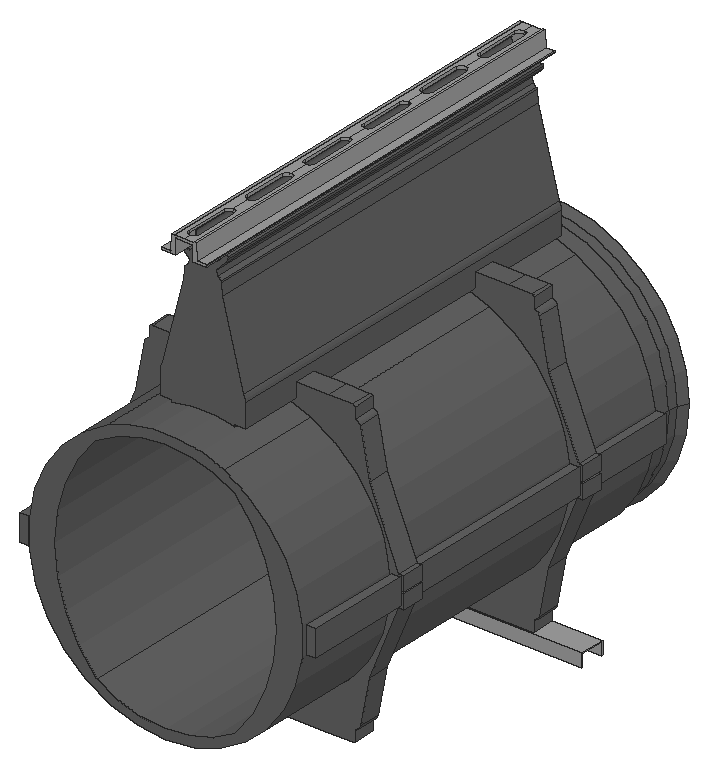
Revit family "PF_GEN_Qmax Neo_600_ACO", category Plumbing Fixtures, Revit 2021
Family settings
  Round Connector Dimension = Use Diameter
  Part Type = Normal
  OmniClass Number = 23.70.50.24
  OmniClass Title = Rainwater Removal
  Work Plane-Based = Yes
  Always vertical = No
  Cut with Voids When Loaded = Yes
  Shared = No
  Room Calculation Point = No
Parameters (values of type "Qmax Neo - 600")
  visible [instance] = 1 = 1  # yes
  slot_width = 25 mm  # constant formula
  region_index = 1  # constant formula
  productrange [instance] = "QMAX"  # constant formula
  instructions_for_use = "https://www.aco.de/produkte/infrastruktur-tiefbau/linienentwaesserung-infrastruktur/qmax-schwerlast-und-retentionsrinne-aus-kunststoff"
  installation_manual = "https://www.aco.de/produkte/infrastruktur-tiefbau/linienentwaesserung-infrastruktur/qmax-schwerlast-und-retentionsrinne-aus-kunststoff"
  e-mail Technical = ""
  e-mail Sales = ""
  dia_1 [instance] = 631 mm  # constant formula
  desc_ge [instance] = "ACO QMAX Neo 600 Guss Qflow 1m Auftr"  # constant formula
  Type Comments = "--"  # constant formula
  Telephone = "--"  # constant formula
  RSen_C_width = 366 mm  # constant formula
  RSen_C_material_01 = Iron, Ductile
  RSen_C_material = PE, Black
  RSen_C_length = 1000 mm  # constant formula
  RSen_C_description [instance] = if(region_index = 1, desc_uk, if(region_index = 2, desc_ge, "--"))  # "ACO QMAX Neo 600 Guss Qflow 1m anti floating"
  RSen_C_depth = 1041.5 mm  # constant formula
  RSen_C_content_date_changed = "17-09-2024"  # constant formula
  Keynote = ""
  IfcExportType = "USERDEFINED"  # constant formula
  IfcExportAs = "IfcWasteTerminalType"  # constant formula
  IfcDescription = Description  # "QMAX Neo 600 Guss Qflow 1m anti floating"
  desc_uk [instance] = "ACO QMAX Neo 600 Guss Qflow 1m anti floating"  # constant formula
  URL = "https://www.aco.de/"
  RSen_S_net_mass [instance] = 21.746 kg  # constant formula
  RSen_C_intended_use = if(region_index = 1, "Drainage systems", if(region_index = 2, "Entwässerungssysteme", if(region_index = 3, "Afvoersystemen", "0")))  # "Drainage systems"
  RSen_C_info_technical = "https://www.aco.de/produkte/infrastruktur-tiefbau/linienentwaesserung-infrastruktur/qmax-schwerlast-und-retentionsrinne-aus-kunststoff"
  RSen_C_info_commercial = "https://www.aco.de/produkte/infrastruktur-tiefbau/linienentwaesserung-infrastruktur/qmax-schwerlast-und-retentionsrinne-aus-kunststoff"
  RSen_C_content_version = "1.0"  # constant formula
  RSen_C_content_creator = "ACO Technology Centre, INDIA"  # constant formula
  RSen_C_code_specification_URL = "https://www.aco.de/produkte/infrastruktur-tiefbau/linienentwaesserung-infrastruktur/qmax-schwerlast-und-retentionsrinne-aus-kunststoff"
  RSen_C_code_manufacturer_gln = "--"  # constant formula
  RSen_C_code_gtin [instance] = "NA"  # constant formula
  RSen_C_code_article [instance] = "NA"  # constant formula
  Model = "ACO QMAX Neo 600 Guss Qflow"  # constant formula
  Manufacturer = "ACO"  # constant formula
  Fax = "--"  # constant formula
  Description = "QMAX Neo 600 Guss Qflow 1m anti floating"  # constant formula
  Default Elevation = 0 mm
  Assembly Code = ""
Reference planes
  plane 1 "middle": y = 0
  plane 2: z = 0
  plane 3 "Center (Left/Right)": x = 29.712
  plane 4: z = -212
  plane 5: z = -386.5
  plane 6: y = -1107.3
  plane 7: y = -54
  plane 8: y = -974
  plane 9: y = -1054
  plane 10: y = -1000
  plane 11: z = -1041.5
  plane 12: z = -693
  plane 13: z = -695.25
  plane 14: z = -691
Forms (mm)
  Sweep 1, solid, material "PE, Black" <- "RSen_C_material"
    path origin (0, 0, 0) x (1, 0, 0) y (0, 0, 1)
      loop
        circle (29.712, -693) r 315.5
    profile origin (29.712, 0, -377.5) x (0, 0, -1) y (0, -1, 0)
      loop
        line (0, 0) -> (5.768, 0) -> (16.697, 19.008) -> (16.697, 42.925) -> (16.697, 974) -> (22, 974) -> (22, 1107.3) -> (17, 1107.3) -> (17, 979) -> (11.697, 979) -> (11.697, 42.925) -> (11.697, 20.343) -> (0, 0)
  Extrusion 2, solid, material "PE, Black" <- "RSen_C_material"
    sketch origin (0, 0, 0) x (1, 0, 0) y (0, 0, 1)
      loop
        arc (-103.035, -406.786) -> (29.712, -1008.5) -> (162.46, -406.786) r 315.5
        arc (162.46, -406.786) -> (29.712, -377.5) -> (-103.035, -406.786) r 315.5
    from 96.176 to 1107.3
  Extrusion 3, void
    sketch origin (0, 0, 0) x (1, 0, 0) y (0, 0, 1)
      loop
        arc (-130.296, -446.952) -> (-225.588, -693) -> (-130.296, -939.048) r 365.3
        arc (-130.296, -939.048) -> (28.326, -986.497) -> (187.39, -940.548) r 293.5
        arc (187.39, -940.548) -> (284.31, -693) -> (187.39, -445.452) r 364.598
        arc (187.39, -445.452) -> (28.326, -399.503) -> (-130.296, -446.952) r 293.5
    from 0 to 1162.314
  Extrusion 4, solid, material "Iron, Ductile" <- "RSen_C_material_01"
    sketch origin (0, 0, 0) x (1, 0, 0) y (0, 0, 1)
      loop
        line (9.763, -40.7) -> (9.763, -6.094) -> (29.712, -6.094) -> (49.661, -6.094) -> (49.661, -40.7) -> (78.898, -40.7)
        arc (78.898, -40.7) -> (80.275, -40.151) -> (80.895, -38.805) r 2
        line (80.895, -38.805) -> (80.985, -37.098) -> (81.058, -35.7) -> (60.708, -35.7) -> (58.212, 0) -> (52.212, 0) -> (51.212, -1) -> (29.712, -1) -> (8.212, -1) -> (7.212, 0) -> (1.212, 0) -> (-1.284, -35.7) -> (-21.634, -35.7) -> (-21.561, -37.098) -> (-21.471, -38.805)
        arc (-21.471, -38.805) -> (-20.851, -40.151) -> (-19.474, -40.7) r 2
        line (-19.474, -40.7) -> (9.763, -40.7)
    from 54 to 1054
  Extrusion 5, void
    sketch origin (0, 0, 0) x (1, 0, 0) y (0, 1, 0)
      loop
        line (42.009, -191.4) -> (42.009, -91.4)
        arc (42.009, -91.4) -> (29.712, -79.103) -> (17.415, -91.4) r 12.297
        line (17.415, -91.4) -> (17.415, -191.4)
        arc (17.415, -191.4) -> (29.712, -203.697) -> (42.009, -191.4) r 12.297
      loop
        arc (42.009, -258.4) -> (29.712, -246.103) -> (17.415, -258.4) r 12.297
        line (17.415, -258.4) -> (17.415, -357.4)
        arc (17.415, -357.4) -> (29.712, -369.697) -> (42.009, -357.4) r 12.297
        line (42.009, -357.4) -> (42.009, -258.4)
      loop
        arc (17.415, -524.4) -> (29.712, -536.697) -> (42.009, -524.4) r 12.297
        line (42.009, -524.4) -> (42.009, -424.4)
        arc (42.009, -424.4) -> (29.712, -412.103) -> (17.415, -424.4) r 12.297
        line (17.415, -424.4) -> (17.415, -524.4)
      loop
        arc (17.415, -693.4) -> (29.712, -705.697) -> (42.009, -693.4) r 12.297
        line (42.009, -693.4) -> (42.009, -593.4)
        arc (42.009, -593.4) -> (29.712, -581.103) -> (17.415, -593.4) r 12.297
        line (17.415, -593.4) -> (17.415, -693.4)
      loop
        arc (17.415, -859.4) -> (29.712, -871.697) -> (42.009, -859.4) r 12.297
        line (42.009, -859.4) -> (42.009, -760.4)
        arc (42.009, -760.4) -> (29.712, -748.103) -> (17.415, -760.4) r 12.297
        line (17.415, -760.4) -> (17.415, -859.4)
      loop
        arc (17.415, -1025.395) -> (29.712, -1037.692) -> (42.009, -1025.395) r 12.297
        line (42.009, -1025.395) -> (42.009, -926.395)
        arc (42.009, -926.395) -> (29.712, -914.097) -> (17.415, -926.395) r 12.297
        line (17.415, -926.395) -> (17.415, -1025.395)
    from -20.239 to 28.174
  Extrusion 6, solid, material "PE, Black" <- "RSen_C_material"
    sketch origin (0, 0, 0) x (1, 0, 0) y (0, 0, 1)
      loop
        arc (-42.788, -386.146) -> (29.712, -377.5) -> (102.212, -386.146) r 308.29
        line (102.212, -386.146) -> (102.212, -381) -> (128.066, -381) -> (128.066, -328.202)
        arc (128.066, -328.202) -> (126.797, -318.868) -> (123.083, -310.211) r 34.97
        line (123.083, -310.211) -> (75.486, -125.842) -> (73.143, -99.063)
        arc (73.143, -99.063) -> (72.597, -97.19) -> (71.376, -95.669) r 5
        line (71.376, -95.669) -> (62.959, -88.606) -> (61.754, -76.163) -> (84.146, -53.771)
        arc (84.146, -53.771) -> (86.063, -51.084) -> (87, -47.919) r 10
        line (87, -47.919) -> (87.887, -40.7) -> (73.698, -40.7) -> (73.698, -48.393)
        arc (73.698, -48.393) -> (65.615, -57.081) -> (54.239, -53.703) r 11.259
        line (54.239, -53.703) -> (49.661, -40.7) -> (49.661, -11.506) -> (44.92, -11.506)
        arc (44.92, -11.506) -> (41.684, -24.345) -> (29.712, -30) r 15.5
        arc (29.712, -30) -> (17.74, -24.345) -> (14.504, -11.506) r 15.5
        line (14.504, -11.506) -> (9.763, -11.506) -> (9.763, -40.7) -> (5.186, -53.703)
        arc (5.186, -53.703) -> (-6.19, -57.081) -> (-14.274, -48.393) r 11.259
        line (-14.274, -48.393) -> (-14.274, -40.7) -> (-28.463, -40.7) -> (-27.576, -47.919)
        arc (-27.576, -47.919) -> (-26.639, -51.084) -> (-24.722, -53.771) r 10
        line (-24.722, -53.771) -> (-2.33, -76.163) -> (-3.534, -88.606) -> (-11.952, -95.669)
        arc (-11.952, -95.669) -> (-13.173, -97.19) -> (-13.719, -99.063) r 5
        line (-13.719, -99.063) -> (-16.062, -125.842) -> (-63.659, -310.211)
        arc (-63.659, -310.211) -> (-67.373, -318.868) -> (-68.642, -328.202) r 34.97
        line (-68.642, -328.202) -> (-68.642, -381) -> (-42.788, -381) -> (-42.788, -386.146)
    from 96.176 to 1000
  Extrusion 7, solid, material "PE, Black" <- "RSen_C_material"
    sketch origin (101.245, -498.782, -1252.406) x (1, 0, 0) y (0, 0, 1)
      loop
        line (104.711, 210.906) -> (158.827, 210.906)
        arc (158.827, 210.906) -> (162.078, 211.566) -> (164.813, 213.443) r 8.329
        line (164.813, 213.443) -> (165.049, 238.861)
        arc (165.049, 238.861) -> (172.124, 242.771) -> (176.537, 249.544) r 16.714
        line (176.537, 249.544) -> (197.526, 357.523) -> (265.08, 524.031) -> (276.386, 524.031) -> (276.386, 557.156) -> (268.386, 557.156) -> (268.386, 529.031) -> (248.386, 529.031) -> (248.386, 557.156) -> (232.262, 557.156)
        arc (232.262, 557.156) -> (142.846, 344.143) -> (-70.533, 255.604) r 303.803
        line (-70.533, 255.604) -> (-70.533, 210.906) -> (104.711, 210.906)
      loop
        line (-247.777, 210.906) -> (-71.533, 210.906) -> (-71.533, 255.603)
        arc (-71.533, 255.603) -> (-285.558, 343.79) -> (-375.328, 557.156) r 303.803
        line (-375.328, 557.156) -> (-391.452, 557.156) -> (-391.452, 529.031) -> (-411.452, 529.031) -> (-411.452, 557.156) -> (-419.452, 557.156) -> (-419.452, 524.031) -> (-408.147, 524.031) -> (-340.592, 357.523) -> (-319.603, 249.544)
        arc (-319.603, 249.544) -> (-315.19, 242.771) -> (-308.115, 238.861) r 16.714
        line (-308.115, 238.861) -> (-307.879, 213.443)
        arc (-307.879, 213.443) -> (-305.144, 211.566) -> (-301.893, 210.906) r 8.329
        line (-301.893, 210.906) -> (-247.777, 210.906)
    from 309.82 to 359.82
  Extrusion 8, solid, material "PE, Black" <- "RSen_C_material"
    sketch origin (0, 0, 0) x (1, 0, 0) y (0, 0, 1)
      loop
        line (-310.207, -662.875) -> (-310.207, -723.375) -> (-290.207, -723.375) -> (-290.207, -662.875) -> (-310.207, -662.875)
      loop
        line (369.631, -662.937) -> (349.631, -662.937) -> (349.631, -723) -> (369.631, -723) -> (369.631, -662.937)
    from 96.176 to 1102.053
  Extrusion 9, solid, material "PE, Black" <- "RSen_C_material"
    sketch origin (101.245, -653.421, -1252.406) x (1, 0, 0) y (0, 0, -1)
      loop
        line (-247.777, -210.906) -> (-301.893, -210.906)
        arc (-301.893, -210.906) -> (-305.144, -211.566) -> (-307.879, -213.443) r 8.329
        line (-307.879, -213.443) -> (-308.115, -238.861)
        arc (-308.115, -238.861) -> (-315.19, -242.771) -> (-319.603, -249.544) r 16.714
        line (-319.603, -249.544) -> (-340.592, -357.523) -> (-408.147, -524.031) -> (-419.452, -524.031) -> (-419.452, -557.156) -> (-411.452, -557.156) -> (-411.452, -529.031) -> (-391.452, -529.031) -> (-391.452, -557.156) -> (-375.328, -557.156)
        arc (-375.328, -557.156) -> (-285.558, -343.79) -> (-71.533, -255.603) r 303.803
        line (-71.533, -255.603) -> (-71.533, -210.906) -> (-247.777, -210.906)
      loop
        line (104.711, -210.906) -> (-70.533, -210.906) -> (-70.533, -255.604)
        arc (-70.533, -255.604) -> (142.846, -344.143) -> (232.262, -557.156) r 303.803
        line (232.262, -557.156) -> (248.386, -557.156) -> (248.386, -529.031) -> (268.386, -529.031) -> (268.386, -557.156) -> (276.386, -557.156) -> (276.386, -524.031) -> (265.08, -524.031) -> (197.526, -357.523) -> (176.537, -249.544)
        arc (176.537, -249.544) -> (172.124, -242.771) -> (165.049, -238.861) r 16.714
        line (165.049, -238.861) -> (164.813, -213.443)
        arc (164.813, -213.443) -> (162.078, -211.566) -> (158.827, -210.906) r 8.329
        line (158.827, -210.906) -> (104.711, -210.906)
    from 309.82 to 359.82
  Extrusion 10, solid, material "PE, Black" <- "RSen_C_material"
    sketch origin (101.245, -498.782, -133.594) x (1, 0, 0) y (0, 0, 1)
      loop
        line (104.711, -212.406) -> (-70.533, -212.406) -> (-70.533, -255.635)
        arc (-70.533, -255.635) -> (142.913, -344.253) -> (232.233, -557.406) r 303.773
        line (232.233, -557.406) -> (248.386, -557.406) -> (248.386, -529.343) -> (268.386, -529.343) -> (268.386, -557.406) -> (276.386, -557.406) -> (276.386, -524.343) -> (265.208, -524.343) -> (197.526, -359.023) -> (176.537, -251.044)
        arc (176.537, -251.044) -> (172.124, -244.271) -> (165.049, -240.361) r 16.714
        line (165.049, -240.361) -> (164.813, -214.943)
        arc (164.813, -214.943) -> (162.078, -213.066) -> (158.827, -212.406) r 8.329
        line (158.827, -212.406) -> (104.711, -212.406)
      loop
        line (-247.777, -212.406) -> (-301.893, -212.406)
        arc (-301.893, -212.406) -> (-305.144, -213.066) -> (-307.879, -214.943) r 8.329
        line (-307.879, -214.943) -> (-308.115, -240.361)
        arc (-308.115, -240.361) -> (-315.19, -244.271) -> (-319.603, -251.044) r 16.714
        line (-319.603, -251.044) -> (-340.592, -359.023) -> (-406.951, -524.281) -> (-419.452, -524.281) -> (-419.452, -557.406) -> (-411.452, -557.406) -> (-411.452, -529.281) -> (-391.452, -529.281) -> (-391.452, -557.406) -> (-375.299, -557.406)
        arc (-375.299, -557.406) -> (-285.625, -343.9) -> (-71.533, -255.633) r 303.773
        line (-71.533, -255.633) -> (-71.533, -212.406) -> (-247.777, -212.406)
    from 309.82 to 359.82
  Extrusion 11, solid, material "PE, Black" <- "RSen_C_material"
    sketch origin (101.245, -653.421, -133.594) x (1, 0, 0) y (0, 0, -1)
      loop
        line (104.711, 212.406) -> (158.827, 212.406)
        arc (158.827, 212.406) -> (162.078, 213.066) -> (164.813, 214.943) r 8.329
        line (164.813, 214.943) -> (165.049, 240.361)
        arc (165.049, 240.361) -> (172.124, 244.271) -> (176.537, 251.044) r 16.714
        line (176.537, 251.044) -> (197.526, 359.023) -> (265.183, 524.281) -> (276.386, 524.281) -> (276.386, 557.406) -> (268.386, 557.406) -> (268.386, 529.281) -> (248.386, 529.281) -> (248.386, 557.406) -> (232.264, 557.406)
        arc (232.264, 557.406) -> (142.935, 344.231) -> (-70.533, 255.604) r 303.803
        line (-70.533, 255.604) -> (-70.533, 212.406) -> (104.711, 212.406)
      loop
        line (-247.777, 212.406) -> (-71.533, 212.406) -> (-71.533, 255.101)
        arc (-71.533, 255.101) -> (-286.001, 343.524) -> (-375.832, 557.406) r 304.305
        line (-375.832, 557.406) -> (-391.954, 557.406) -> (-391.954, 529.281) -> (-411.452, 529.281) -> (-411.452, 557.406) -> (-419.452, 557.406) -> (-419.452, 524.281) -> (-406.951, 524.281) -> (-341.094, 360.273) -> (-319.603, 251.044)
        arc (-319.603, 251.044) -> (-315.19, 244.271) -> (-308.115, 240.361) r 16.714
        line (-308.115, 240.361) -> (-307.879, 214.943)
        arc (-307.879, 214.943) -> (-305.144, 213.066) -> (-301.893, 212.406) r 8.329
        line (-301.893, 212.406) -> (-247.777, 212.406)
    from 309.82 to 359.82
  Sweep 12, solid, material "Iron, Ductile" <- "RSen_C_material_01"
    path origin (-205.944, -1524, -1041.5) x (-1, 0, 0) y (0, -1, 0)
      loop
        line (112.263, -1205.398) -> (-583.575, -1205.398)
    profile origin (29.712, -318.602, -1041.5) x (0, 1, 0) y (0, 0, 1)
      loop
        line (-30, -30) -> (-28, -30) -> (-28, -2) -> (28, -2) -> (28, -30) -> (30, -30) -> (30, 0) -> (-30, 0) -> (-30, -30)
Cuts and joins
  Extrusion 3 cuts Extrusion 2
  joined: Sweep 1, Extrusion 2, Extrusion 7, Extrusion 8, Extrusion 9, Extrusion 10, Extrusion 11
  Extrusion 5 cuts Extrusion 4
Dimensions and locks
  locked: plane 1 "middle" to plane 6 at 1107.3
  locked: plane 1 "middle" to plane 7 at 54
  locked: Sweep 1 sketch curve to Sweep 1 sketch curve at 5  (x2)
  Extrusion 4 to plane 3 "Center (Left/Right)" = 19.949 mm
  "RSen_C_length": plane 7 to plane 9
  locked: plane 1 "middle" to plane 8 at 974
  locked: cut or joined group of Extrusion 4, Extrusion 5 to cut or joined group of Extrusion 4, Extrusion 5 at 5.094
  locked: cut or joined group of Extrusion 4, Extrusion 5 to cut or joined group of Extrusion 4, Extrusion 5 at 5
  locked: level to cut or joined group of Extrusion 4, Extrusion 5 at 40.7
  cut or joined group of Extrusion 4, Extrusion 5 to plane 4 = 212 mm
  level to Extrusion 2 sketch curve = 693 mm
  level to Sweep 1 sketch curve = 693 mm
  level to Extrusion 3 sketch curve = 693 mm
  locked: plane 3 "Center (Left/Right)" to Extrusion 3 sketch curve at 110
  locked: Extrusion 3 sketch curve to plane 3 "Center (Left/Right)" at 110
  plane 3 "Center (Left/Right)" to cut or joined group of Sweep 1, Extrusion 2, Extrusion 3, Extrusion 7, Extrusion 8, Extrusion 9, Extrusion 10, Extrusion 11 = 255.3 mm
  "RSen_C_depth": level to plane 11
  plane 12 to cut or joined group of Sweep 1, Extrusion 2, Extrusion 3, Extrusion 7, Extrusion 8, Extrusion 9, Extrusion 10, Extrusion 11 = 315.5 mm
  cut or joined group of Sweep 1, Extrusion 2, Extrusion 3, Extrusion 7, Extrusion 8, Extrusion 9, Extrusion 10, Extrusion 11 to plane 12 = 315.5 mm
  locked: plane 12 to plane 13 at 2.25
  locked: plane 14 to plane 12 at 2
  plane 12 to Extrusion 9 = 30.375 mm
  locked: plane 3 "Center (Left/Right)" to Extrusion 8 sketch curve at 339.919
  locked: Extrusion 8 sketch curve to plane 3 "Center (Left/Right)" at 339.919
  locked: plane 12 to Extrusion 7 sketch curve at 30.375  (x2)
  locked: Extrusion 10 sketch curve to plane 12 at 30.125
  locked: Extrusion 10 sketch curve to plane 12 at 30.063
  Extrusion 4 sketch curve to Extrusion 4 sketch curve = 57 mm
  plane 3 "Center (Left/Right)" to Extrusion 6 sketch curve = 72.5 mm
  plane 3 "Center (Left/Right)" to Extrusion 6 sketch curve = 98.354 mm
  cut or joined group of Sweep 1, Extrusion 2, Extrusion 3, Extrusion 7, Extrusion 8, Extrusion 9, Extrusion 10, Extrusion 11 to plane 1 "middle" = 1107.3 mm
  locked: Extrusion 7 sketch curve to Extrusion 7 sketch curve at 1
  locked: Extrusion 10 sketch curve to Extrusion 10 sketch curve at 1
  locked: Extrusion 11 sketch curve to Extrusion 11 sketch curve at 1
  locked: cut or joined group of Sweep 1, Extrusion 2, Extrusion 3, Extrusion 7, Extrusion 8, Extrusion 9, Extrusion 10, Extrusion 11 to cut or joined group of Sweep 1, Extrusion 2, Extrusion 3, Extrusion 7, Extrusion 8, Extrusion 9, Extrusion 10, Extrusion 11 at 96.176
  equal spacing: Sweep 12 sketch curve, plane 3 "Center (Left/Right)", Sweep 12 sketch curve
  locked: Sweep 12 sketch curve to plane 3 "Center (Left/Right)" at 347.919
  locked: Sweep 12 sketch curve to Sweep 12 sketch curve at 30
  locked: Sweep 12 sketch curve to profile plane at 30
  locked: Sweep 12 sketch curve to Sweep 12 sketch curve at 60
  Sweep 12 sketch curve to Sweep 12 sketch curve = 2 mm
  locked: Sweep 12 sketch curve to Sweep 12 sketch curve at 2
  locked: profile plane to Sweep 12 sketch curve at 2
  "dia_1": diameter of Sweep 1 sketch curve
  radius of Extrusion 2 sketch curve = 315.5 mm
  diameter of cut or joined group of Sweep 1, Extrusion 2, Extrusion 3, Extrusion 7, Extrusion 8, Extrusion 9, Extrusion 10, Extrusion 11 = 631 mm
  aligned and locked: level to plane 2
  aligned and locked: plane 3 "Center (Left/Right)" to Sweep 1 sketch curve
  aligned and locked: Sweep 1 sketch curve to plane 6
  aligned and locked: Sweep 1 sketch curve to profile plane
  aligned and locked: Sweep 1 sketch curve to plane 8
  aligned and locked: plane 9 to Extrusion 4
  aligned and locked: plane 3 "Center (Left/Right)" to Extrusion 2 sketch curve
  aligned and locked: plane 11 to Extrusion 7 sketch curve
  aligned and locked: plane 13 to Extrusion 7 sketch curve  (x2)
  aligned and locked: Extrusion 7 sketch curve to plane 13  (x2)
  aligned and locked: Extrusion 9 sketch curve to cut or joined group of Sweep 1, Extrusion 2, Extrusion 3, Extrusion 7, Extrusion 8, Extrusion 9, Extrusion 10, Extrusion 11  (x5)
  aligned and locked: plane 14 to Extrusion 10 sketch curve  (x2)
  aligned and locked: Extrusion 10 sketch curve to plane 14  (x2)
  aligned and locked: Extrusion 11 sketch curve to Extrusion 10  (x8)
  aligned and locked: Extrusion 10 to Extrusion 11 sketch curve
  aligned and locked: cut or joined group of Sweep 1, Extrusion 2, Extrusion 3, Extrusion 7, Extrusion 8, Extrusion 9, Extrusion 10, Extrusion 11 to Extrusion 8 sketch curve
  aligned and locked: Extrusion 8 sketch curve to Extrusion 10  (x3)
  aligned and locked: cut or joined group of Sweep 1, Extrusion 2, Extrusion 3, Extrusion 7, Extrusion 8, Extrusion 9, Extrusion 10, Extrusion 11 to Extrusion 10 sketch curve
  aligned and locked: cut or joined group of Sweep 1, Extrusion 2, Extrusion 3, Extrusion 7, Extrusion 8, Extrusion 9, Extrusion 10, Extrusion 11 to Extrusion 11 sketch curve  (x2)
  aligned and locked: Extrusion 2 to Sweep 1
  aligned and locked: plane 3 "Center (Left/Right)" to Extrusion 7 sketch curve
  aligned and locked: Extrusion 9 sketch curve to plane 3 "Center (Left/Right)"
  aligned and locked: Extrusion 10 sketch curve to plane 3 "Center (Left/Right)"
  aligned and locked: plane 3 "Center (Left/Right)" to Extrusion 11 sketch curve
  aligned and locked: cut or joined group of Sweep 1, Extrusion 2, Extrusion 3, Extrusion 7, Extrusion 8, Extrusion 9, Extrusion 10, Extrusion 11 to Extrusion 6
  aligned and locked: Extrusion 2 to Extrusion 8
  aligned and locked: plane 10 to Extrusion 6
  aligned and locked: Sweep 12 sketch curve to Sweep 12 sketch curve  (x2)
  aligned and locked: Sweep 12 sketch curve to plane 11
Automatic sketch dimensions
  Sweep 1 sketch curve to profile plane = 0 mm
  Sweep 1 sketch curve to Sweep 1 sketch curve = 5.768 mm
  Sweep 1 sketch curve to profile plane = 11.697 mm
  Sweep 1 sketch curve to Sweep 1 sketch curve = 0.303 mm
  Sweep 1 sketch curve to Sweep 1 sketch curve = 5 mm
  plane 1 "middle" to Sweep 1 sketch curve = 19.008 mm
  Sweep 1 sketch curve to Sweep 1 sketch curve = 1.335 mm
  Sweep 1 sketch curve to Sweep 1 sketch curve = 22.582 mm
  Sweep 1 sketch curve to Sweep 1 sketch curve = 0 mm
  Extrusion 2 sketch curve to Extrusion 2 sketch curve = 0 mm
  Extrusion 2 sketch curve to plane 5 = 20.286 mm  (x2)
  Extrusion 3 sketch curve to Extrusion 3 sketch curve = 0 mm  (x2)
  Extrusion 3 sketch curve to plane 3 "Center (Left/Right)" = 0 mm
  Extrusion 3 sketch curve to plane 12 = 0 mm  (x2)
  Extrusion 3 sketch curve to plane 3 "Center (Left/Right)" = 160.008 mm  (x2)
  Extrusion 3 sketch curve to plane 5 = 60.452 mm
  plane 11 to Extrusion 3 sketch curve = 100.952 mm
  Extrusion 4 sketch curve to level = 0 mm  (x2)
  Extrusion 4 sketch curve to plane 3 "Center (Left/Right)" = 0 mm  (x2)
  Extrusion 4 sketch curve to level = 6.094 mm
  Extrusion 4 sketch curve to plane 3 "Center (Left/Right)" = 19.949 mm
  Extrusion 4 sketch curve to level = 1 mm
  Extrusion 4 sketch curve to Extrusion 4 sketch curve = 1.551 mm  (x2)
  Extrusion 4 sketch curve to Extrusion 4 sketch curve = 1 mm  (x2)
  Extrusion 4 sketch curve to Extrusion 4 sketch curve = 6 mm  (x2)
  Extrusion 4 sketch curve to Extrusion 4 sketch curve = 11.048 mm  (x2)
  Extrusion 4 sketch curve to Extrusion 4 sketch curve = 18.19 mm  (x2)
  Extrusion 4 sketch curve to level = 38.805 mm  (x2)
  Extrusion 4 sketch curve to Extrusion 4 sketch curve = 1.997 mm  (x2)
  Extrusion 4 sketch curve to Extrusion 4 sketch curve = 0.089 mm  (x2)
  Extrusion 4 sketch curve to Extrusion 4 sketch curve = 0.073 mm  (x2)
  Extrusion 4 sketch curve to Extrusion 4 sketch curve = 1.895 mm  (x2)
  Extrusion 4 sketch curve to Extrusion 4 sketch curve = 1.707 mm  (x2)
  Extrusion 4 sketch curve to Extrusion 4 sketch curve = 5 mm  (x2)
  Extrusion 5 sketch curve to plane 3 "Center (Left/Right)" = 0 mm  (x6)
  Extrusion 5 sketch curve to Extrusion 5 sketch curve = 12.297 mm  (x6)
  plane 10 to Extrusion 5 sketch curve = 25.395 mm
  Extrusion 5 sketch curve to plane 10 = 73.605 mm
  Extrusion 5 sketch curve to Extrusion 5 sketch curve = 66.995 mm
  Extrusion 5 sketch curve to Extrusion 5 sketch curve = 99 mm  (x2)
  Extrusion 5 sketch curve to Extrusion 5 sketch curve = 67 mm  (x3)
  Extrusion 5 sketch curve to Extrusion 5 sketch curve = 100 mm  (x2)
  Extrusion 5 sketch curve to Extrusion 5 sketch curve = 69 mm
  plane 7 to Extrusion 5 sketch curve = 37.4 mm
  Extrusion 8 sketch curve to Extrusion 8 sketch curve = 20 mm
  Extrusion 8 sketch curve to plane 12 = 30 mm
  Extrusion 7 sketch curve to Extrusion 7 sketch curve = 0 mm  (x2)
  Extrusion 7 sketch curve to plane 11 = 0 mm
  Extrusion 7 sketch curve to plane 12 = 0 mm
  Extrusion 7 sketch curve to Extrusion 7 sketch curve = 176.244 mm
  Extrusion 7 sketch curve to Extrusion 7 sketch curve = 54.117 mm  (x2)
  Extrusion 7 sketch curve to Extrusion 7 sketch curve = 1.915 mm  (x2)
  plane 11 to Extrusion 7 sketch curve = 2.537 mm  (x2)
  Extrusion 7 sketch curve to Extrusion 7 sketch curve = 5.985 mm
  plane 11 to Extrusion 7 sketch curve = 27.955 mm  (x2)
  Extrusion 7 sketch curve to Extrusion 7 sketch curve = 4.306 mm  (x2)
  plane 11 to Extrusion 7 sketch curve = 38.638 mm  (x2)
  Extrusion 7 sketch curve to Extrusion 7 sketch curve = 11.489 mm  (x2)
  Extrusion 7 sketch curve to Extrusion 7 sketch curve = 36.784 mm  (x2)
  Extrusion 7 sketch curve to Extrusion 7 sketch curve = 34.736 mm  (x2)
  Extrusion 7 sketch curve to Extrusion 7 sketch curve = 16.124 mm  (x2)
  Extrusion 7 sketch curve to Extrusion 7 sketch curve = 16.695 mm  (x2)
  Extrusion 7 sketch curve to Extrusion 7 sketch curve = 3.305 mm
  Extrusion 7 sketch curve to Extrusion 7 sketch curve = 8 mm  (x2)
  Extrusion 7 sketch curve to Extrusion 7 sketch curve = 175.244 mm
  plane 11 to Extrusion 7 sketch curve = 8.329 mm
  Extrusion 7 sketch curve to plane 13 = 33.125 mm
  Extrusion 7 sketch curve to Extrusion 7 sketch curve = 20 mm
  Extrusion 7 sketch curve to Extrusion 7 sketch curve = 102.513 mm  (x2)
  Extrusion 7 sketch curve to Extrusion 7 sketch curve = 5 mm
  Extrusion 9 sketch curve to Extrusion 9 sketch curve = 0 mm  (x2)
  Extrusion 9 sketch curve to plane 11 = 0 mm  (x2)
  Extrusion 9 sketch curve to plane 12 = 0 mm
  Extrusion 9 sketch curve to Extrusion 9 sketch curve = 176.244 mm
  plane 11 to Extrusion 9 sketch curve = 8.329 mm  (x2)
  Extrusion 9 sketch curve to Extrusion 9 sketch curve = 54.117 mm  (x2)
  Extrusion 9 sketch curve to Extrusion 9 sketch curve = 1.915 mm  (x2)
  plane 11 to Extrusion 9 sketch curve = 2.537 mm  (x2)
  plane 11 to Extrusion 9 sketch curve = 27.955 mm  (x2)
  Extrusion 9 sketch curve to Extrusion 9 sketch curve = 4.306 mm  (x2)
  plane 11 to Extrusion 9 sketch curve = 38.638 mm  (x2)
  Extrusion 9 sketch curve to Extrusion 9 sketch curve = 11.489 mm  (x2)
  Extrusion 9 sketch curve to Extrusion 9 sketch curve = 36.784 mm  (x2)
  Extrusion 9 sketch curve to Extrusion 9 sketch curve = 34.736 mm  (x2)
  Extrusion 9 sketch curve to Extrusion 9 sketch curve = 16.124 mm  (x2)
  Extrusion 9 sketch curve to Extrusion 9 sketch curve = 16.695 mm  (x2)
  Extrusion 9 sketch curve to Extrusion 9 sketch curve = 3.305 mm  (x2)
  Extrusion 9 sketch curve to Extrusion 9 sketch curve = 8 mm  (x2)
  Extrusion 9 sketch curve to Extrusion 9 sketch curve = 175.244 mm
  Extrusion 9 sketch curve to plane 12 = 2.25 mm  (x2)
  Extrusion 9 sketch curve to Extrusion 9 sketch curve = 28.125 mm
  Extrusion 9 sketch curve to Extrusion 9 sketch curve = 5 mm
  Extrusion 9 sketch curve to Extrusion 9 sketch curve = 102.513 mm  (x2)
  Extrusion 10 sketch curve to Extrusion 10 sketch curve = 0 mm  (x2)
  Extrusion 10 sketch curve to plane 12 = 0 mm
  Extrusion 10 sketch curve to Extrusion 10 sketch curve = 8 mm  (x2)
  plane 14 to Extrusion 10 sketch curve = 33.125 mm
  Extrusion 10 sketch curve to Extrusion 10 sketch curve = 4.5 mm
  Extrusion 10 sketch curve to Extrusion 10 sketch curve = 20 mm  (x2)
  Extrusion 10 sketch curve to Extrusion 10 sketch curve = 16.152 mm  (x2)
  Extrusion 10 sketch curve to plane 5 = 106.117 mm  (x2)
  Extrusion 10 sketch curve to Extrusion 10 sketch curve = 50.86 mm
  plane 5 to Extrusion 10 sketch curve = 1.862 mm  (x2)
  Extrusion 10 sketch curve to Extrusion 10 sketch curve = 20.989 mm
  plane 5 to Extrusion 10 sketch curve = 12.545 mm  (x2)
  Extrusion 10 sketch curve to Extrusion 10 sketch curve = 11.489 mm
  plane 5 to Extrusion 10 sketch curve = 37.963 mm  (x2)
  Extrusion 10 sketch curve to Extrusion 10 sketch curve = 0.236 mm
  Extrusion 10 sketch curve to plane 5 = 3.605 mm  (x2)
  Extrusion 10 sketch curve to Extrusion 10 sketch curve = 5.985 mm  (x2)
  Extrusion 10 sketch curve to Extrusion 10 sketch curve = 54.117 mm  (x2)
  plane 5 to Extrusion 10 sketch curve = 40.5 mm
  Extrusion 10 sketch curve to Extrusion 10 sketch curve = 175.244 mm
  Extrusion 10 sketch curve to Extrusion 10 sketch curve = 1.915 mm
  Extrusion 10 sketch curve to Extrusion 10 sketch curve = 4.306 mm
  Extrusion 10 sketch curve to Extrusion 10 sketch curve = 36.784 mm
  Extrusion 10 sketch curve to Extrusion 10 sketch curve = 34.707 mm
  plane 14 to Extrusion 10 sketch curve = 33.063 mm
  Extrusion 10 sketch curve to Extrusion 10 sketch curve = 16.823 mm
  Extrusion 10 sketch curve to Extrusion 10 sketch curve = 5.793 mm
  Extrusion 11 sketch curve to Extrusion 11 sketch curve = 0 mm  (x3)
  Extrusion 11 sketch curve to plane 12 = 0 mm
  Extrusion 11 sketch curve to Extrusion 11 sketch curve = 19.498 mm
  Extrusion 11 sketch curve to Extrusion 11 sketch curve = 16.122 mm  (x2)
  Extrusion 11 sketch curve to plane 5 = 107.367 mm
  plane 5 to Extrusion 11 sketch curve = 1.862 mm  (x2)
  Extrusion 11 sketch curve to Extrusion 11 sketch curve = 21.491 mm
  plane 5 to Extrusion 11 sketch curve = 12.545 mm  (x2)
  Extrusion 11 sketch curve to Extrusion 11 sketch curve = 11.489 mm
  plane 5 to Extrusion 11 sketch curve = 37.963 mm  (x2)
  Extrusion 11 sketch curve to Extrusion 11 sketch curve = 0.236 mm
  Extrusion 11 sketch curve to plane 5 = 3.605 mm  (x2)
  Extrusion 11 sketch curve to Extrusion 11 sketch curve = 5.985 mm  (x2)
  Extrusion 11 sketch curve to Extrusion 11 sketch curve = 54.117 mm  (x2)
  plane 5 to Extrusion 11 sketch curve = 40.5 mm
  Extrusion 11 sketch curve to Extrusion 11 sketch curve = 175.244 mm
  Extrusion 11 sketch curve to Extrusion 11 sketch curve = 1.915 mm
  Extrusion 11 sketch curve to Extrusion 11 sketch curve = 4.306 mm
  Extrusion 11 sketch curve to plane 5 = 106.117 mm
  Extrusion 11 sketch curve to Extrusion 11 sketch curve = 36.784 mm
  Extrusion 11 sketch curve to Extrusion 11 sketch curve = 34.738 mm
  Extrusion 11 sketch curve to Extrusion 11 sketch curve = 16.797 mm
  Extrusion 11 sketch curve to Extrusion 11 sketch curve = 20 mm
  Extrusion 11 sketch curve to Extrusion 11 sketch curve = 8 mm
  Extrusion 6 sketch curve to Extrusion 6 sketch curve = 0 mm
  Extrusion 6 sketch curve to plane 3 "Center (Left/Right)" = 0 mm  (x2)
  plane 5 to Extrusion 6 sketch curve = 76.289 mm
  Extrusion 6 sketch curve to Extrusion 6 sketch curve = 4.983 mm
  plane 5 to Extrusion 6 sketch curve = 5.5 mm  (x2)
  Extrusion 6 sketch curve to Extrusion 6 sketch curve = 25.854 mm  (x2)
  Extrusion 6 sketch curve to Extrusion 6 sketch curve = 29.987 mm  (x2)
  Extrusion 6 sketch curve to plane 3 "Center (Left/Right)" = 58.175 mm
  Extrusion 6 sketch curve to Extrusion 6 sketch curve = 0.886 mm  (x2)
  Extrusion 6 sketch curve to Extrusion 6 sketch curve = 2.854 mm  (x2)
  Extrusion 6 sketch curve to Extrusion 6 sketch curve = 9.925 mm
  Extrusion 6 sketch curve to plane 3 "Center (Left/Right)" = 45.774 mm
  Extrusion 6 sketch curve to Extrusion 6 sketch curve = 3.377 mm  (x2)
  Extrusion 6 sketch curve to Extrusion 6 sketch curve = 2.343 mm  (x2)
  Extrusion 6 sketch curve to Extrusion 6 sketch curve = 1.767 mm  (x2)
  Extrusion 6 sketch curve to Extrusion 6 sketch curve = 4.981 mm
  Extrusion 6 sketch curve to Extrusion 6 sketch curve = 8.417 mm
  Extrusion 6 sketch curve to Extrusion 6 sketch curve = 11.047 mm  (x2)
  Extrusion 6 sketch curve to Extrusion 6 sketch curve = 1.205 mm  (x2)
  Extrusion 6 sketch curve to Extrusion 6 sketch curve = 8.412 mm  (x2)
  Extrusion 6 sketch curve to level = 11.506 mm  (x2)
  Extrusion 6 sketch curve to plane 3 "Center (Left/Right)" = 19.949 mm
  Extrusion 6 sketch curve to Extrusion 6 sketch curve = 4.74 mm  (x2)
  Extrusion 6 sketch curve to Extrusion 6 sketch curve = 4.578 mm
  Extrusion 6 sketch curve to Extrusion 6 sketch curve = 7.515 mm
  Extrusion 6 sketch curve to Extrusion 6 sketch curve = 5.203 mm
  Extrusion 6 sketch curve to Extrusion 6 sketch curve = 3.214 mm
  Extrusion 6 sketch curve to Extrusion 6 sketch curve = 7.071 mm
  plane 3 "Center (Left/Right)" to Extrusion 6 sketch curve = 63.384 mm
  plane 5 to Extrusion 6 sketch curve = 0.354 mm
  Extrusion 6 sketch curve to Extrusion 6 sketch curve = 9.116 mm
  plane 12 to Extrusion 6 sketch curve = 7.21 mm
  Extrusion 6 sketch curve to Extrusion 6 sketch curve = 52.798 mm
  plane 4 to Extrusion 6 sketch curve = 86.158 mm  (x2)
  Extrusion 6 sketch curve to Extrusion 6 sketch curve = 26.343 mm  (x2)
  Extrusion 6 sketch curve to Extrusion 6 sketch curve = 0.436 mm  (x2)
  Extrusion 6 sketch curve to Extrusion 6 sketch curve = 7.063 mm  (x2)
  Extrusion 6 sketch curve to Extrusion 6 sketch curve = 12.443 mm  (x2)
  Extrusion 6 sketch curve to Extrusion 6 sketch curve = 22.392 mm  (x2)
  Extrusion 6 sketch curve to Extrusion 6 sketch curve = 22.46 mm  (x2)
  Extrusion 6 sketch curve to Extrusion 6 sketch curve = 5.378 mm  (x2)
  Extrusion 6 sketch curve to Extrusion 6 sketch curve = 5.852 mm  (x2)
  Extrusion 6 sketch curve to Extrusion 6 sketch curve = 13.003 mm  (x2)
  Extrusion 6 sketch curve to Extrusion 6 sketch curve = 6 mm  (x2)
  Extrusion 6 sketch curve to level = 14.5 mm
  plane 7 to Sweep 12 sketch curve = 264.602 mm
